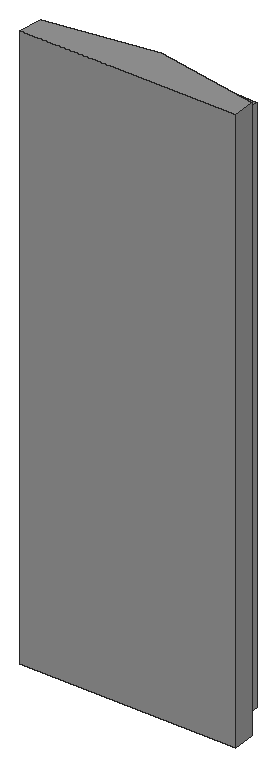
Revit family "JC KONTAKTER JCK103 Armbågskontakt", category Specialty Equipment, host Wall, Revit 2025
Family settings
  Host = Wall
  Round Connector Dimension = Use Diameter
  Part Type = Normal
  Enable Cutting in Views = Yes
  Always vertical = Yes
  Cut with Voids When Loaded = No
  Maintain Annotation Orientation = No
  Shared = No
  Room Calculation Point = No
Parameters (values of type "Armbågskontakt JCK103")
  URL = "https://jckontakter.se/produkt/armbagskontakter-plast/armbagskontakt-jck103/"
  Tillverkningsland = "Sverige"
  Tillvalsförteckning = "https://jckontakter.se/wp-content/uploads/sites/2/Tillval_metall_2024.pdf"
  Tekniskt produktblad = "https://jckontakter.se/wp-content/uploads/2019/06/JCK103.pdf"
  Produktvikt = "0.216 kg"
  Placering av armbågskontakt = "https://jckontakter.se/start/nyheter-och-information/armbagskontakter-placering-riktlinjer/"
  Nominell märkström = "12 V - Resistive 6A Inductive L/R 5ms 6A, 24 V - Resistive 6A Inductive L/R 5ms 5A"
  Model = "JCK103"  # constant formula
  Mikrobrytare = "Standard NO IP67"
  Manufacturer = "JC Kontakter"  # constant formula
  Lägsta märkström = "1mA/4 V DC"
  Core Finish = ABS 750SW
  Keynote = ""
  Lid Finish = ABS 750SW
  Description = "JCK103 är en robust armbågskontakt i tålig ABS-plast. Modell med vitt lock och en kontrasterande mörkgrå underdel.\r\nJCK103 levereras med 1st mikrobrytare i IP67, men går även att beställa med fler."  # constant formula
  Default Elevation = 0 mm
  CE Dokument = "https://jckontakter.se/wp-content/uploads/CE_Dokument.pdf"
  Assembly Code = ""
  Antal mikrobrytare = 1
Reference planes
  plane 1 "Wall": y = 0
  plane 2 "Center (Left/Right)": x = 125
  plane 3 "Back": y = 75
  plane 4 "A": z = 800
Lines and regions (mm)
  Masking region 1
    outline origin (0, 0, -100) x (1, 0, 0) y (0, 0, 1)
      loop
        line (175, 1145) -> (75, 1145) -> (75, 900) -> (175, 900) -> (175, 1145)
  symbolic lines
    curve 1: line (75, 125, 0) -> (175, 125, 0)
    curve 2: line (75, 75, 0) -> (75, 125, 0)
    curve 3: line (175, 75, 0) -> (75, 75, 0)
    curve 4: line (175, 125, 0) -> (175, 75, 0)
    curve 5: line (175, 0, 1045) -> (75, 0, 1045)
    curve 6: line (175, 0, 800) -> (175, 0, 1045)
    curve 7: line (75, 0, 800) -> (175, 0, 800)
    curve 8: line (75, 0, 1045) -> (75, 0, 800)
Text (mm)
  text "Placement Side" at (-1848.837, 1116.779, 0), in view "Ref. Level"
  text "Placement side" at (0, 1409.804, 2854.306), in view "Left"
  text "Placement side" at (0, 499.811, 2980.732), in view "Right"
Dimensions and locks
  locked: plane 3 "Back" to host wall
  locked: curve 3 to curve 1 at 50
  aligned and locked: plane 1 "Wall" to host wall
  aligned and locked: nested 1 to plane 3 "Back"
  aligned and locked: curve 3 to plane 3 "Back"
  aligned and locked: plane 4 "A" to curve 7
  aligned and locked: curve 6 to Masking region 1
  aligned and locked: Masking region 1 to curve 8
Nested families
  nested 1: "AK_103" at (125, 75, 800) x (-1, 0, 0) z (0, 0, 1), type "AK_103", detail levels medium+fine
Definition of nested family "AK_103"
  Parameters (values of type "AK_103")
    URL = "https://jckontakter.se/produkt/armbagskontakter-plast/armbagskontakt-jck103/"
    Model = "JCK103"  # constant formula
    Manufacturer = "JC Kontakter"  # constant formula
    Lid Finish = none
    Core Finish = none
    Description = "JCK103 är en robust armbågskontakt i tålig ABS-plast. Modell med vitt lock och en kontrasterande mörkgrå underdel.\r\nJCK103 levereras med 1st mikrobrytare i IP67, men går även att beställa med fler."  # constant formula
    Default Elevation = 0 mm
  Reference planes
    plane 1 "Center (Front/Back)": y = 0
    plane 2: z = 0
    plane 3 "Center (Left/Right)": x = 0
    plane 4 "1": x = 47.5
    plane 5 "A": z = 5
    plane 6 "B": z = 245
  Forms (mm)
    Extrusion 1, solid, material <- "Core Finish"
      sketch origin (0, 0, 0) x (1, 0, 0) y (0, 1, 0)
        loop
          line (-47.5, 0) -> (-46.5, -10) -> (0, -18) -> (46.5, -10) -> (47.5, 0) -> (-47.5, 0)
      from 0 to 250
    Extrusion 2, void
      sketch origin (0, 0, 0) x (1, 0, 0) y (0, 1, 0)
        loop
          line (-42.5, -4) -> (-42.5, -18.223) -> (42.5, -18.223) -> (42.5, -4) -> (-42.5, -4)
      from 5 to 245
    Extrusion 3, solid, material <- "Lid Finish"
      sketch origin (0, 0, 5) x (-1, 0, 0) y (0, -1, 0)
        loop
          line (-42, 6) -> (42, 6) -> (41.473, 18.808) -> (-26.802, 21.808) -> (-41.637, 14.808) -> (-42, 6)
      from 0.5 to 239.5
  Cuts and joins
    Extrusion 2 cuts Extrusion 1
  Dimensions and locks
    aligned and locked: level to plane 2
